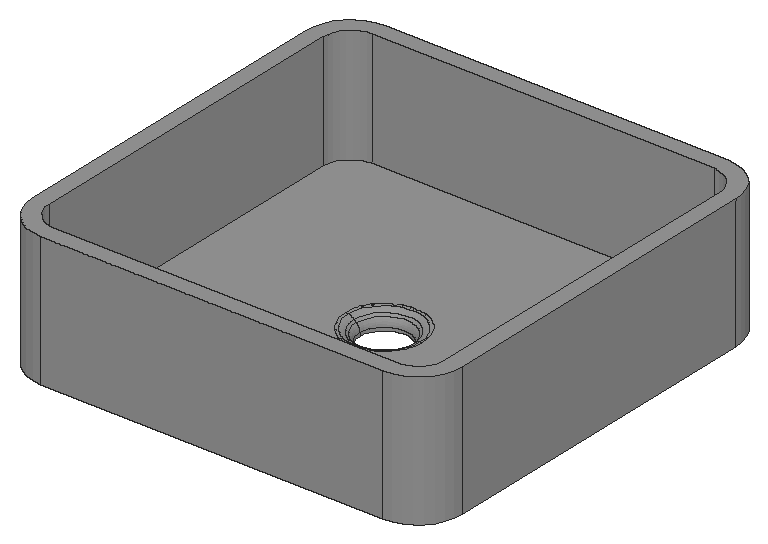
Revit family "L.MALAI NEGRO SANDSTONE", category Plumbing Fixtures, Revit 2014
Reference planes
  plane 1 "Center (Front/Back)": y = 0
  plane 2: z = 0
  plane 3 "Center (Left/Right)": x = 0
Forms (mm)
  Extrusion 1, solid
    sketch origin (0, 0, 0) x (1, 0, 0) y (0, 1, 0)
      loop
        arc (0, 40) -> (11.716, 11.716) -> (40, 0) r 40
        line (40, 0) -> (350, 0)
        arc (350, 0) -> (378.284, 11.716) -> (390, 40) r 40
        line (390, 40) -> (390, 350)
        arc (390, 350) -> (378.284, 378.284) -> (350, 390) r 40
        line (350, 390) -> (40, 390)
        arc (40, 390) -> (11.716, 378.284) -> (0, 350) r 40
        line (0, 350) -> (0, 40)
    from 0 to 120
  Extrusion 2, void
    sketch origin (0, 0, 0) x (1, 0, 0) y (0, 1, 0)
      loop
        arc (40, 375) -> (22.322, 367.678) -> (15, 350) r 25
        line (15, 350) -> (15, 40)
        arc (15, 40) -> (22.322, 22.322) -> (40, 15) r 25
        line (40, 15) -> (350, 15)
        arc (350, 15) -> (367.678, 22.322) -> (375, 40) r 25
        line (375, 40) -> (375, 350)
        arc (375, 350) -> (367.678, 367.678) -> (350, 375) r 25
        line (350, 375) -> (40, 375)
    from 15.091 to 120
  Revolve 3, void
    sketch origin (0, 195, 0) x (1, 0, 0) y (0, 0, 1)
      loop
        line (195, 0) -> (217.5, 0) -> (217.5, 2.739)
        arc (217.5, 2.739) -> (218.261, 6.565) -> (220.429, 9.81) r 10
        line (220.429, 9.81) -> (222.466, 11.847)
        arc (222.466, 11.847) -> (224.777, 13.57) -> (227.484, 14.563) r 10
        line (227.484, 14.563) -> (230, 15.091) -> (195, 15.091) -> (195, 0)
      axis (195, 0) -> (195, 15.091)
    angle from 0 to 360
Cuts and joins
  Extrusion 2, Revolve 3 cuts Extrusion 1
Dimensions and locks
  aligned and locked: level to plane 2
